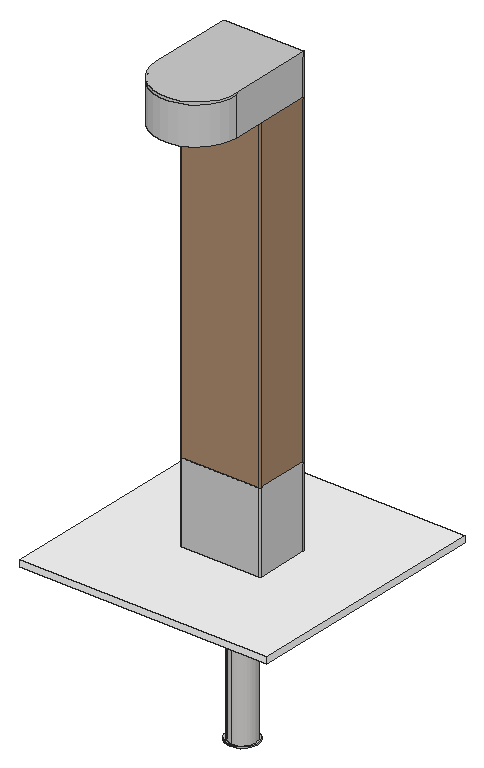
Revit family "BE_84480_de_DE", category Leuchten, Revit 2020
Family settings
  Basisbauteil = Fläche
  Bemaßung runder Anschluss = Durchmesser verwenden
  Teiletyp = Normal
  Beim Laden mit Abzugskörper schneiden = Ja
  Lichtquelle = Ja
  Gemeinsam genutzt = Nein
  Raumberechnungspunkt = Ja
Parameters (values of type "BEGA_84480_Silber_K3")
  built-in parameter 1150104 = 9.8106 (stored number, unit not read)
  Wattage = 5.3 W
  Default Elevation = 0 mm
  built-in parameter 1150113 = 1 (stored number, unit not read)
  built-in parameter 1114218 = 1 (stored number, unit not read)
  Umgebungstemperatur = "25 °C"
  URL = "https://www.bega.com/de/produkt/84480"
  Typenkommentare = "© 2022 BEGA. Wir behalten uns das Recht vor, technische Änderungen ohne vorherige Ankündigung vorzunehmen."  # constant formula
  Type Image = 84480.png
  built-in parameter 1150134 = (empty or 0)
  built-in parameter 1150109 = 1 (stored number, unit not read)
  Strom = ""
  built-in parameter 1150110 = 1 (stored number, unit not read)
  Spannung = 239.996 V
  Sonderanfertigung = no
  Seriennummer [instance] = "Hier können Sie die eindeutige Seriennummer für das Facility Management eintragen."
  Schutzklasse = "I"
  Schutzart = "IP 65"
  Scheinlast = 0 VA
  Produktdatenblatt = "https://cdn.bega.com/bega/products/84480AK3/current/documents/data-sheets/de"
  Oberflächentemperatur = ""
  Neigungswinkel = 0.00°
  Modell = "84480AK3"
  Material_38 = BEGA_Holz
  Material_17 = BEGA_Reflektor
  Material_15 = BEGA_Leuchtmedium_matt
  Material_09 = BEGA_Glas_klar
  Material_06 = BEGA_Oberfläche_Edelstahl_gebürstet
  Material_02 = BEGA_Oberfläche_Silber_matt
  Material_01 [instance] = BEGA_Oberfläche_Grafit_matt
  M_W = no
  M_G = no
  M_A = yes
  Logo = 0
  built-in parameter 1114217 = 1 (stored number, unit not read)
  built-in parameter 1150139 = (empty or 0)
  built-in parameter 1150105 = 44.538 (stored number, unit not read)
  built-in parameter 1150114 = 1 (stored number, unit not read)
  Lumens = 559.68 lm
  built-in parameter 1150115 = 1 (stored number, unit not read)
  Leuchtenlichtstrom = "371 lm"
  Leuchtenanzahl = ""
  Lebensdauerkriterien = "L70B50 @ 25 °C = 200000 h"
  Lastklassifizierung = Beleuchtung
  built-in parameter 1150112 = 1 (stored number, unit not read)
  Lampenlichtstrom = "560 lm"
  Lampe = "LED 4.2 W"
  LED_Modulbezeichnung = "2x LED-0234/830"
  built-in parameter 1150142 = (empty or 0)
  Hersteller = "BEGA"  # constant formula
  Halbstreuwinkel = ""
  Gewicht = "5.75 kg"
  Gebrauchslageneinschränkung [instance] = ""
  Frequenz = "0/50-60 Hz"
  Farbwiedergabeindex = "CRI > 80"
  Farbtemperaturverschiebung bei Dämpfen der Lampe = <Keine Auswahl>
  Farbtemperatur = "3000 K"
  Color Filter = 16777215
  built-in parameter 1150133 = 10 (stored number, unit not read)
  Energieeffizienzklasse = "LED A++ - A"
  built-in parameter 1150137 = (empty or 0)
  built-in parameter 1150132 = (empty or 0)
  ENEC = "ja"
  Dimmbar [instance] = "on/off"
  Datei für fotometrisches Netz = "BE_84480K3.IES"
  CE_Konformität = "ja"
  Bestellnummer = "84480AK3"
  Beschreibung_Sonderanfertigung = "Hier können Sie Informationen zur Sonderanfertigung eintragen."
  Beschreibung = "Garten- und Wegeleuchte"
  built-in parameter 1150106 = 0.44538 (stored number, unit not read)
  Befestigungsbohrung = ""
  Befestigungsabstand = ""
  Ballwurfsicher = ""
  BEGA_Intern = yes
  BEGA_Dummy = no
  Anschlussleitung = ""
  Anschlussleistung [instance] = "5.3 W"
  Anschlusskasten = ""
  built-in parameter 1150107 = 3000 (stored number, unit not read)
  built-in parameter 1150102 = (empty or 0)
  built-in parameter 1150138 = (empty or 0)
  Aktualisierung = "2022-07-19T04:00:09"
  Abstand_zur_angestrahlten_Fläche [instance] = ""
  AC/DC = "AC/DC"
Types (2, lengths in mm): name | Modell | M_G | M_A | Bestellnummer
  BEGA_84480_Silber_K3 | "84480AK3" | no | yes | "84480AK3"
  BEGA_84480_Grafit_K3 | "84480K3" | yes | no | "84480K3"
Reference planes
  plane 1 "Mitte (Vorne/Hinten)": y = 0
  plane 2: z = 0
  plane 3 "Mitte (Links/Rechts)": x = 0
  plane 4 "Links": x = -65
  plane 5 "Rechts": x = 65
  plane 6 "Unten": y = -135
  plane 7 "Oben": y = 45
  plane 8 "Vorne": z = 724
Forms (mm)
  Extrusion 1, solid, material "BEGA_Platte_Weiss"
    sketch origin (0, -1119.2, 0) x (1, 0, 0) y (0, 1, 0)
      loop
        line (-200, 1319.2) -> (-200, 919.2) -> (200, 919.2) -> (200, 1319.2) -> (-200, 1319.2)
    from 0 to -10
  Extrusion 2, solid, material "BEGA_Dummy_matt", visible <- "BEGA_Dummy"
    sketch origin (80.095, -76.023, 0) x (1, 0, 0) y (0, 1, 0)
      loop
        line (-145.095, 121.023) -> (-145.095, -16.061)
        arc (-145.095, -16.061) -> (-80.065, -80.964) -> (-15.095, -16) r 65
        line (-15.095, -16) -> (-15.095, 121.023) -> (-145.095, 121.023)
    from 0 to 724
Dimensions and locks
  plane 1 "Mitte (Vorne/Hinten)" to Extrusion 1 = 200 mm
  aligned and locked: Extrusion 1 to plane 2
  aligned and locked: Extrusion 1 to level
Nested families
  nested 1: "BE_84480" at (0, 0, 0), type "BE_84480"
Connectors
  electrical at (0, 0, 0), driven by "Lastklassifizierung", driven by "Spannung", driven by "Scheinlast"
    settings: index 1, voltage 239.996 V, apparent load 0 VA, apparent load phase1 0 VA, apparent load phase2 0 VA, apparent load phase3 0 VA, power factor 1, load classification "Beleuchtung", number of poles 1, system type 31, power factor state 1, is connector primary yes, connector utility no, sub classification motor no, connector description ""
Definition of nested family "BE_84480"
  Parameters (values of type "BE_84480")
    Default Elevation = 1 mm
    URL = "http://www.bega.de/de/produkt"
    Type Comments = "© 2015 BEGA. Wir behalten uns das Recht vor, technische Änderungen ohne vorherige Ankündigung vorzunehmen. "  # constant formula
    Type Image = (empty or 0)
    Material_38 = none
    Material_17 = none
    Material_15 = none
    Material_09 = none
    Material_06 = none
    Material_02 = none
    Material_01 = none
    M_W = yes
    M_G = yes
    M_A = yes
    Länge_Platte = 200 mm  # constant formula
    Höhe_Platte = -10 mm  # constant formula
    Manufacturer = "BEGA"  # constant formula
    Breite_Platte = 200 mm  # constant formula
  Reference planes
    plane 1 "Mitte (Oben/Unten)": y = 0
    plane 2: z = 0
    plane 3 "Mitte (Links/Rechts)": x = 0
    plane 4 "Oben": y = 45
    plane 5: z = 724
    plane 6: z = 0
    plane 7: x = 65
    plane 8: x = -65
    plane 9: y = -135
  Forms (mm)
    Extrusion 1, solid, detail levels medium
      sketch origin (0, 0, 0) x (1, 0, 0) y (0, 1, 0)
        loop
          line (-100, 100) -> (-100, -100) -> (100, -100) -> (100, 100) -> (-100, 100)
      from 0 to -10 <- "Höhe_Platte"
    Extrusion 2, solid, material <- "Material_38"
      sketch origin (0, 0, 0) x (1, 0, 0) y (0, 1, 0)
        loop
          arc (-62, 45) -> (-64.121, 44.121) -> (-65, 42) r 3
          line (-65, 42) -> (-65, -42)
          arc (-65, -42) -> (-64.121, -44.121) -> (-62, -45) r 3
          line (-62, -45) -> (62, -45)
          arc (62, -45) -> (64.121, -44.121) -> (65, -42) r 3
          line (65, -42) -> (65, 42)
          arc (65, 42) -> (64.121, 44.121) -> (62, 45) r 3
          line (62, 45) -> (-62, 45)
        loop
          line (-40, 20) -> (-40, -20) -> (40, -20) -> (40, 20) -> (-40, 20)
      from 129.504 to 658.964
    Revolve 3, solid, material <- "Material_06"
      sketch origin (0, 0, 0) x (0, 1, 0) y (0, 0, 1)
        loop
          line (-21.1, -275.007) -> (-24.5, -275.007) -> (-24.5, -277.007) -> (-19.1, -276.993) -> (-19.1, 113.026) -> (-21.1, 113.026) -> (-21.1, -275.007)
        axis (0, -277.007) -> (0, 113.026)
      angle from 0 to 360
    Extrusion 4, solid, material <- "Material_01", visible <- "M_G"
      sketch origin (0, 0, 0) x (1, 0, 0) y (0, 1, 0)
        loop
          line (62, 45) -> (-62, 45)
          arc (-62, 45) -> (-64.121, 44.121) -> (-65, 42) r 3
          line (-65, 42) -> (-65, -42)
          arc (-65, -42) -> (-64.121, -44.121) -> (-62, -45) r 3
          line (-62, -45) -> (62, -45)
          arc (62, -45) -> (64.121, -44.121) -> (65, -42) r 3
          line (65, -42) -> (65, 42)
          arc (65, 42) -> (64.121, 44.121) -> (62, 45) r 3
        loop
          line (-40, 20) -> (-40, -20) -> (40, -20) -> (40, 20) -> (-40, 20)
      from 0 to 129.504
    Extrusion 5, solid, material <- "Material_01", visible <- "M_G"
      sketch origin (0, 0, 0) x (1, 0, 0) y (0, 1, 0)
        loop
          line (62, 45) -> (-62, 45)
          arc (-62, 45) -> (-64.121, 44.121) -> (-65, 42) r 3
          line (-65, 42) -> (-65, -92.04)
          arc (-65, -92.04) -> (0, -157.04) -> (65, -92.04) r 65
          line (65, -92.04) -> (65, 42)
          arc (65, 42) -> (64.121, 44.121) -> (62, 45) r 3
        loop
          arc (63.492, -59.494) -> (62.615, -57.384) -> (60.503, -56.51) r 2.989
          line (60.503, -56.51) -> (-60.491, -56.51)
          arc (-60.491, -56.51) -> (-62.614, -57.386) -> (-63.49, -59.509) r 2.99
          line (-63.49, -59.509) -> (-63.49, -92.154)
          arc (-63.49, -92.154) -> (0.077, -155.49) -> (63.492, -92) r 63.49
          line (63.492, -92) -> (63.492, -59.494)
      from 658.964 to 720.282
    Extrusion 6, solid, material <- "Material_02", visible <- "M_A"
      sketch origin (0, 0, 0) x (1, 0, 0) y (0, 1, 0)
        loop
          line (62, 45) -> (-62, 45)
          arc (-62, 45) -> (-64.121, 44.121) -> (-65, 42) r 3
          line (-65, 42) -> (-65, -92.002)
          arc (-65, -92.002) -> (0, -157.002) -> (65, -92.002) r 65
          line (65, -92.002) -> (65, 42)
          arc (65, 42) -> (64.121, 44.121) -> (62, 45) r 3
      from 720.282 to 724
    Extrusion 7, solid, material <- "Material_09"
      sketch origin (0, 0, 0) x (1, 0, 0) y (0, 1, 0)
        loop
          line (60.492, -57.951) -> (-60.5, -57.951)
          arc (-60.5, -57.951) -> (-61.587, -58.413) -> (-62.038, -59.5) r 1.538
          line (-62.038, -59.5) -> (-62.038, -103.505)
          arc (-62.038, -103.505) -> (0, -153.49) -> (62.038, -103.505) r 63.49
          line (62.038, -103.505) -> (62.038, -59.308)
          arc (62.038, -59.308) -> (61.522, -58.336) -> (60.492, -57.951) r 1.549
      from 658.964 to 663.039
    Extrusion 8, solid, material <- "Material_01"
      sketch origin (0, 0, 0) x (1, 0, 0) y (0, 1, 0)
        loop
          line (61, -59.549) -> (-61, -59.549) -> (-61, -109.608)
          arc (-61, -109.608) -> (0, -155.49) -> (61, -109.608) r 63.49
          line (61, -109.608) -> (61, -59.549)
        loop
          line (-26.85, -73.177) -> (-38.5, -105.185) -> (-38.5, -126.549) -> (38.5, -126.549) -> (38.5, -105.185) -> (26.85, -73.177) -> (0, -82.949) -> (-26.85, -73.177)
      from 663.039 to 663.453
    Extrusion 9, solid, material <- "Material_17"
      sketch origin (0, 0, 0) x (0, 1, 0) y (0, 0, 1)
        loop
          line (-126.762, 665.874) -> (-109.931, 672) -> (-70.265, 672) -> (-69.399, 672.5) -> (-110.019, 672.5) -> (-126.262, 666.588) -> (-126.762, 665.874)
      from -38 to 38
    Extrusion 10, solid, material <- "Material_15"
      sketch origin (0, 0, 0) x (0, 1, 0) y (0, 0, 1)
        loop
          line (-126.549, 663.534) -> (-74.536, 663.534) -> (-74.536, 673.534) -> (-126.549, 673.534) -> (-126.549, 663.534)
      from 38 to 39.895
    Extrusion 11, solid, material <- "Material_15"
      sketch origin (0, 0, 0) x (0, 1, 0) y (0, 0, -1)
        loop
          line (-126.549, -663.534) -> (-126.549, -673.534) -> (-74.536, -673.534) -> (-74.536, -663.534) -> (-126.549, -663.534)
      from 38 to 39.895
    Extrusion 12, solid, material <- "Material_02", visible <- "M_A"
      sketch origin (0, 0, 0) x (1, 0, 0) y (0, 1, 0)
        loop
          line (62, 45) -> (-62, 45)
          arc (-62, 45) -> (-64.121, 44.121) -> (-65, 42) r 3
          line (-65, 42) -> (-65, -42)
          arc (-65, -42) -> (-64.121, -44.121) -> (-62, -45) r 3
          line (-62, -45) -> (62, -45)
          arc (62, -45) -> (64.121, -44.121) -> (65, -42) r 3
          line (65, -42) -> (65, 42)
          arc (65, 42) -> (64.121, 44.121) -> (62, 45) r 3
        loop
          line (-40, 20) -> (-40, -20) -> (40, -20) -> (40, 20) -> (-40, 20)
      from 0 to 129.504
    Extrusion 13, solid, material <- "Material_02", visible <- "M_A"
      sketch origin (0, 0, 0) x (1, 0, 0) y (0, 1, 0)
        loop
          line (62, 45) -> (-62, 45)
          arc (-62, 45) -> (-64.121, 44.121) -> (-65, 42) r 3
          line (-65, 42) -> (-65, -92.089)
          arc (-65, -92.089) -> (0.044, -157) -> (65, -92) r 65
          line (65, -92) -> (65, 42)
          arc (65, 42) -> (64.121, 44.121) -> (62, 45) r 3
        loop
          arc (63.492, -59.494) -> (62.615, -57.384) -> (60.503, -56.51) r 2.989
          line (60.503, -56.51) -> (-60.491, -56.51)
          arc (-60.491, -56.51) -> (-62.614, -57.386) -> (-63.49, -59.509) r 2.99
          line (-63.49, -59.509) -> (-63.49, -92.154)
          arc (-63.49, -92.154) -> (0.077, -155.49) -> (63.492, -92) r 63.49
          line (63.492, -92) -> (63.492, -59.494)
      from 658.964 to 720.282
    Extrusion 14, solid, material <- "Material_01", visible <- "M_G"
      sketch origin (0, 0, 0) x (1, 0, 0) y (0, 1, 0)
        loop
          line (62, 45) -> (-62, 45)
          arc (-62, 45) -> (-64.121, 44.122) -> (-65, 42) r 3
          line (-65, 42) -> (-65, -91.987)
          arc (-65, -91.987) -> (0, -156.987) -> (65, -91.987) r 65
          line (65, -91.987) -> (65.001, 42)
          arc (65.001, 42) -> (64.122, 44.121) -> (62, 45) r 3
      from 720.282 to 724
  Cuts and joins
    joined: Extrusion 5, Extrusion 14
    joined: Extrusion 6, Extrusion 13
  Dimensions and locks
    equal spacing: Extrusion 1 sketch curve, plane 3 "Mitte (Links/Rechts)", Extrusion 1 sketch curve
    equal spacing: Extrusion 1 sketch curve, plane 1 "Mitte (Oben/Unten)", Extrusion 1 sketch curve
    "Länge_Platte": Extrusion 1 sketch curve to Extrusion 1 sketch curve
    "Breite_Platte": Extrusion 1 sketch curve to Extrusion 1 sketch curve
    aligned and locked: plane 2 to Extrusion 1
    aligned and locked: level to Extrusion 1
  Automatic sketch dimensions
    Extrusion 2 sketch curve to plane 1 "Mitte (Oben/Unten)" = 42 mm
    Extrusion 2 sketch curve to plane 3 "Mitte (Links/Rechts)" = 65 mm
    Extrusion 2 sketch curve to Extrusion 2 sketch curve = 3 mm  (x3)
    Extrusion 2 sketch curve to Extrusion 2 sketch curve = 22 mm  (x4)
    Extrusion 2 sketch curve to plane 1 "Mitte (Oben/Unten)" = 20 mm
    plane 3 "Mitte (Links/Rechts)" to Extrusion 2 sketch curve = 40 mm
    plane 1 "Mitte (Oben/Unten)" to Extrusion 2 sketch curve = 20 mm
    Revolve 3 sketch curve to plane 1 "Mitte (Oben/Unten)" = 0 mm
    Revolve 3 sketch curve to level = 276.993 mm
    plane 1 "Mitte (Oben/Unten)" to Revolve 3 sketch curve = 19.1 mm
    Revolve 3 sketch curve to Revolve 3 sketch curve = 2 mm  (x2)
    Revolve 3 sketch curve to level = 277.007 mm
    Revolve 3 sketch curve to Revolve 3 sketch curve = 3.4 mm
    plane 1 "Mitte (Oben/Unten)" to Extrusion 4 sketch curve = 42 mm
    Extrusion 4 sketch curve to plane 3 "Mitte (Links/Rechts)" = 65 mm
    Extrusion 4 sketch curve to Extrusion 4 sketch curve = 3 mm  (x3)
    Extrusion 4 sketch curve to Extrusion 4 sketch curve = 22 mm  (x4)
    Extrusion 4 sketch curve to plane 1 "Mitte (Oben/Unten)" = 20 mm
    plane 3 "Mitte (Links/Rechts)" to Extrusion 4 sketch curve = 40 mm
    plane 1 "Mitte (Oben/Unten)" to Extrusion 4 sketch curve = 20 mm
    Extrusion 5 sketch curve to plane 1 "Mitte (Oben/Unten)" = 42 mm
    Extrusion 5 sketch curve to Extrusion 5 sketch curve = 3 mm  (x2)
    Extrusion 5 sketch curve to Extrusion 5 sketch curve = 2.99 mm  (x2)
    Extrusion 5 sketch curve to Extrusion 5 sketch curve = 0.01 mm
    plane 3 "Mitte (Links/Rechts)" to Extrusion 5 sketch curve = 60.503 mm
    Extrusion 5 sketch curve to Extrusion 5 sketch curve = 2.984 mm
    Extrusion 6 sketch curve to Extrusion 6 sketch curve = 3 mm  (x2)
    Extrusion 6 sketch curve to plane 1 "Mitte (Oben/Unten)" = 42 mm
    Extrusion 8 sketch curve to plane 3 "Mitte (Links/Rechts)" = 0 mm  (x2)
    Extrusion 8 sketch curve to plane 3 "Mitte (Links/Rechts)" = 26.85 mm
    Extrusion 8 sketch curve to Extrusion 8 sketch curve = 11.65 mm  (x2)
    plane 3 "Mitte (Links/Rechts)" to Extrusion 8 sketch curve = 26.85 mm
    Extrusion 8 sketch curve to Extrusion 8 sketch curve = 21.364 mm  (x2)
    Extrusion 8 sketch curve to Extrusion 8 sketch curve = 9.773 mm  (x2)
    Extrusion 8 sketch curve to Extrusion 8 sketch curve = 13.627 mm
    Extrusion 10 sketch curve to Extrusion 10 sketch curve = 52.013 mm
    Extrusion 10 sketch curve to Extrusion 10 sketch curve = 10 mm
    Extrusion 11 sketch curve to Extrusion 11 sketch curve = 52.013 mm
    Extrusion 11 sketch curve to Extrusion 11 sketch curve = 10 mm
    Extrusion 9 sketch curve to Extrusion 9 sketch curve = 0.5 mm  (x2)
    Extrusion 9 sketch curve to Extrusion 9 sketch curve = 16.243 mm
    Extrusion 9 sketch curve to Extrusion 9 sketch curve = 0.088 mm
    Extrusion 9 sketch curve to Extrusion 9 sketch curve = 39.666 mm
    Extrusion 9 sketch curve to Extrusion 9 sketch curve = 0.866 mm
    Extrusion 9 sketch curve to Extrusion 9 sketch curve = 0.714 mm
    Extrusion 9 sketch curve to Extrusion 9 sketch curve = 5.412 mm
    plane 1 "Mitte (Oben/Unten)" to Extrusion 12 sketch curve = 42 mm
    Extrusion 12 sketch curve to plane 3 "Mitte (Links/Rechts)" = 65 mm
    Extrusion 12 sketch curve to Extrusion 12 sketch curve = 3 mm  (x3)
    Extrusion 12 sketch curve to Extrusion 12 sketch curve = 22 mm  (x4)
    Extrusion 12 sketch curve to plane 1 "Mitte (Oben/Unten)" = 20 mm
    plane 3 "Mitte (Links/Rechts)" to Extrusion 12 sketch curve = 40 mm
    plane 1 "Mitte (Oben/Unten)" to Extrusion 12 sketch curve = 20 mm
    Extrusion 13 sketch curve to plane 1 "Mitte (Oben/Unten)" = 42 mm
    Extrusion 13 sketch curve to Extrusion 13 sketch curve = 3 mm  (x2)
    Extrusion 13 sketch curve to Extrusion 13 sketch curve = 2.99 mm  (x2)
    Extrusion 13 sketch curve to Extrusion 13 sketch curve = 0.01 mm
    plane 3 "Mitte (Links/Rechts)" to Extrusion 13 sketch curve = 60.503 mm
    Extrusion 13 sketch curve to Extrusion 13 sketch curve = 2.984 mm
    level to Revolve 3 sketch curve = 113.026 mm
    Revolve 3 sketch curve to Revolve 3 sketch curve = 252.038 mm
    level to Extrusion 9 sketch curve = 665.874 mm
    level to Extrusion 10 sketch curve = 663.534 mm
    level to Extrusion 11 sketch curve = 673.534 mm
    Revolve 3 sketch curve to Revolve 3 sketch curve = 31.761 mm
    Extrusion 5 sketch curve to Extrusion 5 sketch curve = 32.644 mm
    plane 1 "Mitte (Oben/Unten)" to Extrusion 9 sketch curve = 126.762 mm
    plane 1 "Mitte (Oben/Unten)" to Extrusion 10 sketch curve = 126.549 mm
    plane 1 "Mitte (Oben/Unten)" to Extrusion 11 sketch curve = 126.549 mm
    Extrusion 13 sketch curve to Extrusion 13 sketch curve = 32.644 mm
    Extrusion 14 sketch curve to plane 8 = 0 mm
    plane 4 "Oben" to Extrusion 14 sketch curve = 0 mm
    plane 8 to Extrusion 14 sketch curve = 3 mm
    Extrusion 14 sketch curve to plane 3 "Mitte (Links/Rechts)" = 0 mm
    Extrusion 14 sketch curve to plane 7 = 3 mm
    plane 7 to Extrusion 14 sketch curve = 0.001 mm
    plane 9 to Extrusion 14 sketch curve = 43.012 mm
    Extrusion 14 sketch curve to Extrusion 14 sketch curve = 0.002 mm
    Extrusion 6 sketch curve to plane 3 "Mitte (Links/Rechts)" = 0 mm
    Extrusion 6 sketch curve to plane 8 = 0 mm
    plane 9 to Extrusion 6 sketch curve = 42.998 mm
    Extrusion 13 sketch curve to plane 3 "Mitte (Links/Rechts)" = 0 mm  (x2)
    plane 9 to Extrusion 13 sketch curve = 43 mm
    Extrusion 13 sketch curve to plane 7 = 1.51 mm
    Extrusion 13 sketch curve to Extrusion 13 sketch curve = 0 mm  (x2)
    Extrusion 13 sketch curve to plane 7 = 1.508 mm
    Extrusion 5 sketch curve to plane 3 "Mitte (Links/Rechts)" = 0 mm  (x2)
    Extrusion 5 sketch curve to plane 8 = 0 mm
    plane 8 to Extrusion 5 sketch curve = 1.51 mm
    plane 9 to Extrusion 5 sketch curve = 42.96 mm
    Extrusion 5 sketch curve to Extrusion 5 sketch curve = 0.04 mm
    Extrusion 5 sketch curve to Extrusion 5 sketch curve = 0.114 mm
    Extrusion 5 sketch curve to plane 7 = 1.508 mm
    plane 9 to Extrusion 5 sketch curve = 43 mm
    Extrusion 13 sketch curve to plane 8 = 0 mm
    Extrusion 13 sketch curve to plane 7 = 3 mm
    Extrusion 13 sketch curve to Extrusion 13 sketch curve = 0.065 mm
    plane 8 to Extrusion 8 sketch curve = 4 mm
    Extrusion 8 sketch curve to Extrusion 8 sketch curve = 9.051 mm
    Extrusion 8 sketch curve to plane 7 = 4 mm
    Extrusion 8 sketch curve to Extrusion 8 sketch curve = 13.185 mm
    plane 9 to Extrusion 8 sketch curve = 8.45 mm
    Extrusion 8 sketch curve to Extrusion 8 sketch curve = 4.423 mm
    plane 8 to Extrusion 7 sketch curve = 4.5 mm
    Extrusion 7 sketch curve to Extrusion 7 sketch curve = 0.008 mm
    Extrusion 7 sketch curve to Extrusion 7 sketch curve = 1.538 mm  (x2)
    Extrusion 7 sketch curve to Extrusion 7 sketch curve = 0.192 mm
    Extrusion 7 sketch curve to Extrusion 7 sketch curve = 0 mm  (x3)
    plane 8 to Extrusion 7 sketch curve = 2.962 mm
    plane 1 "Mitte (Oben/Unten)" to Extrusion 7 sketch curve = 59.5 mm  (x2)
    plane 9 to Extrusion 7 sketch curve = 31.495 mm
    Extrusion 7 sketch curve to plane 3 "Mitte (Links/Rechts)" = 0 mm
    Extrusion 7 sketch curve to plane 7 = 2.962 mm
    plane 9 to Extrusion 7 sketch curve = 45 mm
